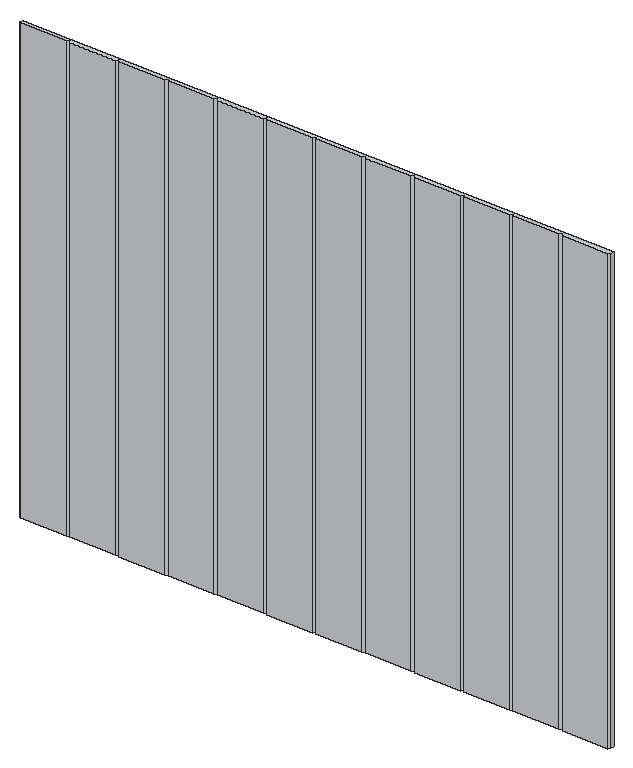
Revit family "easyvj100", category Generic Models, Revit 2015
Parameters (values of type "Length=0900")
  vis.Rebateddado [instance] = and(Show Dado, Select EasyDado_Rebated)  # no
  vis.Flatdado [instance] = and(Show Dado, Select EasyDado_Flat)  # no
  easyvj_Material = none
  URL = "http://www.easycraft.com.au/products/3/easyvj"
  Show Dado [instance] = no
  Select EasyDado_Rebated [instance] = not(Select EasyDado_Flat)  # yes
  Select EasyDado_Flat [instance] = no
  Model = "easyvj"  # constant formula
  Manufacturer = "Easycraft Australia Pty Ltd ph 07 3906 7200"  # constant formula
  Length_panel = 900 mm
  Description = "VJ100"  # constant formula
  Assembly Code = "V09MR09"
Types (5, lengths in mm): name | Length_panel | Assembly Code
  Length=0900 | 900 | "V09MR09"
  Length=2400 | 2400 | "V09MR24"
  Length=2700 | 2700 | "V09MR27"
  Length=3000 | 3000 | "V09MR30"
  Length=3600 | 3600 | "V09MR36"
Reference planes
  plane 1 "Center (Front/Back)": y = 0
  plane 2: z = 0
  plane 3 "Center (Left/Right)": x = 0
  plane 4 "Panel_top": z = 900
Forms (mm)
  Sweep 1, solid, material <- "easyvj_Material"
    path origin (0, 0, 0) x (-1, 0, 0) y (0, 0, 1)
      loop
        line (0, 0) -> (0, 900)
    profile "_easyvj_100 : _easyvj_100" origin (0, 0, 450) x (1, 0, 0) y (0, 1, 0)
      loop
        line (0, 0) -> (0, -5.5) -> (3.5, -9) -> (96.5, -9) -> (100, -5.5) -> (103.5, -9) -> (196.5, -9) -> (200, -5.5) -> (203.5, -9) -> (296.5, -9) -> (300, -5.5) -> (303.5, -9) -> (396.5, -9) -> (400, -5.5) -> (403.5, -9) -> (496.5, -9) -> (500, -5.5) -> (503.5, -9) -> (596.5, -9) -> (600, -5.5) -> (603.5, -9) -> (696.5, -9) -> (700, -5.5) -> (703.5, -9) -> (796.5, -9) -> (800, -5.5) -> (803.5, -9) -> (896.5, -9) -> (900, -5.5) -> (903.5, -9) -> (996.5, -9) -> (1000, -5.5) -> (1003.5, -9) -> (1096.5, -9) -> (1100, -5.5) -> (1103.5, -9) -> (1196.5, -9) -> (1200, -5.5) -> (1200, 0) -> (0, 0)
Dimensions and locks
  "Length_panel": plane 4 "Panel_top" to plane 2
  aligned and locked: level to plane 2
  aligned and locked: nested 1 to plane 4 "Panel_top"
  aligned and locked: nested 1 to Sweep 1
  aligned and locked: nested 2 to plane 4 "Panel_top"
  aligned and locked: plane 1 "Center (Front/Back)" to nested 2
Automatic sketch dimensions
  Sweep 1 sketch curve to plane 3 "Center (Left/Right)" = 0 mm
  Sweep 1 sketch curve to level = 0 mm
  Sweep 1 sketch curve to plane 4 "Panel_top" = 0 mm
Nested families
  nested 1: "easydado_flat" at (0, -9, 900), visible <- "vis.Flatdado", type "Length=1200"
  nested 2: "easydado_rebated" at (0, 0, 900), visible <- "vis.Rebateddado", type "Length=1200"
Definition of nested family "easydado_flat"
  Parameters (values of type "_easydado_flat")
    easydado_flat_Material = none
    URL = "http://www.easycraft.com.au/products/3/easyvj"
    Model = "easydado"  # constant formula
    Manufacturer = "Easycraft Australia Pty Ltd ph 07 3906 7200"  # constant formula
    Description = "flat"  # constant formula
  Reference planes
    plane 1 "Center (Front/Back)": y = 0
    plane 2: z = 0
    plane 3 "Center (Left/Right)": x = 0
    plane 4: x = 1200
  Forms (mm)
    Sweep 1, solid, material <- "easydado_flat_Material"
      path origin (0, 0, 0) x (1, 0, 0) y (0, 1, 0)
        loop
          line (1200, 0) -> (0, 0)
      profile "_dadoflat : Type 1" origin (600, 0, 0) x (0, -1, 0) y (0, 0, 1)
        loop
          arc (11, -21.649) -> (15.972, -19.589) -> (18.032, -14.616) r 7.032
          line (18.032, -14.616) -> (20.5, -14.616) -> (20.5, -9.616)
          arc (20.5, -9.616) -> (28, 0.905) -> (20.5, 11.426) r 11.13
          line (20.5, 11.426) -> (20.5, 14.059)
          arc (20.5, 14.059) -> (13.782, 16.841) -> (11, 23.559) r 9.5
          line (11, 23.559) -> (0, 23.559) -> (0, -29.941)
          arc (0, -29.941) -> (4.5, -34.441) -> (9, -29.941) r 4.5
          line (9, -29.941) -> (9, -27.86) -> (11, -27.86) -> (11, -21.649)
  Dimensions and locks
    aligned and locked: level to plane 2
Definition of nested family "easydado_rebated"
  Parameters (values of type "_easydado_rebated")
    easydado_rebated_Material = none
    URL = "http://www.easycraft.com.au/products/3/easyvj"
    Model = "easydado"  # constant formula
    Manufacturer = "Easycraft Australia Pty Ltd ph 07 3906 7200"  # constant formula
    Description = "rebated"  # constant formula
  Reference planes
    plane 1 "Center (Front/Back)": y = 0
    plane 2: z = 0
    plane 3 "Center (Left/Right)": x = 0
    plane 4: x = 1200
  Forms (mm)
    Sweep 1, solid, material <- "easydado_rebated_Material"
      path origin (0, 0, 0) x (1, 0, 0) y (0, 1, 0)
        loop
          line (1200, 0) -> (0, 0)
      profile "_profile_easydadorebated : _profile_easydadorebated" origin (600, 0, 0) x (0, -1, 0) y (0, 0, 1)
        loop
          arc (20.5, 25.5) -> (13.782, 28.282) -> (11, 35) r 9.5
          line (11, 35) -> (0, 35) -> (0, 0) -> (9, 0) -> (9, -13)
          arc (9, -13) -> (15.364, -10.364) -> (18, -4) r 9
          line (18, -4) -> (20.5, -4) -> (20.5, 1.825)
          arc (20.5, 1.825) -> (28, 12.346) -> (20.5, 22.867) r 11.13
          line (20.5, 22.867) -> (20.5, 25.5)
  Dimensions and locks
    aligned and locked: level to plane 2
